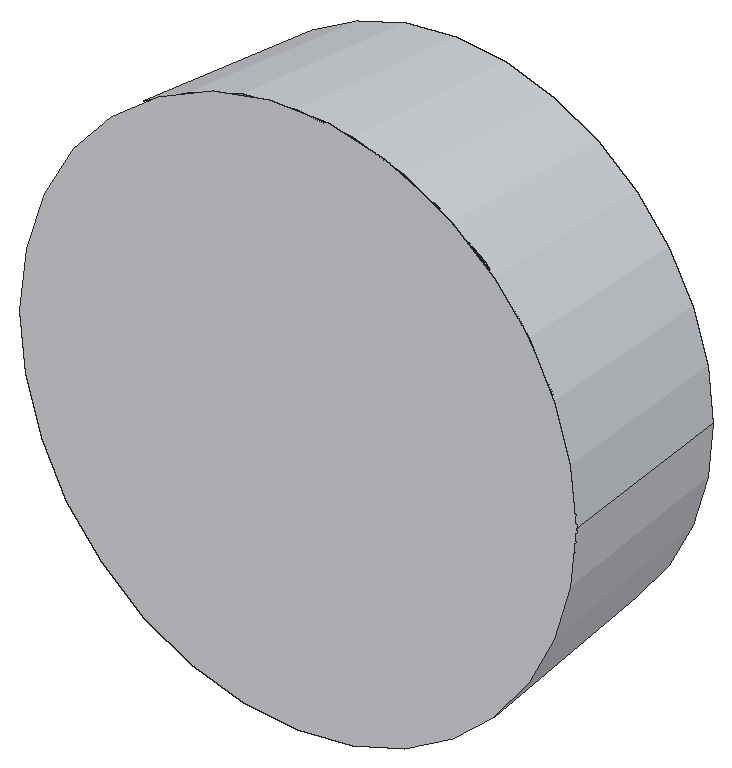
Revit family "Building-ContenitoriIncasso-GEWISS-24SC-SCATOLE-INCASSO_CONICA", category Attrezzatura elettrica, host Muro, Revit 2016
Family settings
  Host = Muro
  Configurazione quadro = Due colonne, circuiti in orizzontale
  Tipo di parte = Pannello comandi
  Quota connettore circolare = Usa diametro
  Numero OmniClass = 23.80.30.14.24
  Titolo OmniClass = Junction Boxes
  Sempre verticale = Sì
  Taglio con vuoti quando caricato = Sì
  Condiviso = Sì
  Punto di calcolo locali = Sì
Parameters (values of type "GW24208 - Scatola rotonda conica D. 65mm")
  Versione file RFA = "19.0"
  URL = "https://www.gewiss.com/it/it"
  Termopressione con biglia = "70 °C"
  Temperatura di impiego = "-15 +60 °C"
  Scheda Tecnica = "https://www.gewiss.com/it/it/search?q=GW24208"
  SEO = "Scatola"
  Produttore = "GEWISS S.p.A."
  Per Pareti = "Muratura"
  Modello = "GW24208"
  Installazione = "Incasso"
  Immagine tipo = GW24208.jpg
  IFC.TypeObject = ""
  IFC.ExportType = ""
  IFC.ExportAs = ""
  IDT = "949ec92d-8c98-491b-b93a-f1d6dc8379db"
  IDF = "0a933b5c-28d5-4203-ac42-db2cf4af8c16"
  Glow Wire Test = "650°C"
  Dimensioni (mm) = "Ø 60x46"
  Descrizione: = "Conica"
  Descrizione = "SCATOLA ROTONDA CONICA D.65"
  Creato da GEWISS S.p.A. = ""
  Codice Electrocod = "0210"
  Codice EAN = "8011564016729"
  Catalogo Serie = "24SC"
  Catalogo = "BUILDING"
  Caratteristiche = "Halogen free"
  COBie.Tagnumber = ""
  COBie.CreatedOn = ""
  COBie.CreatebBy = ""
  COBie.ComponentRegisterItemID = ""
  COBie.Component.TagNumber = ""
  COBie.Component.Space = ""
  COBie.Component.SerialNumber = ""
  COBie.Component.InstallationDate = ""
  COBie.Component.Description = ""
  COBie.Component.BarCode = ""
Reference planes
  plane 1 "Muro": y = 0
  plane 2 "Centro (Sinistra/Destra)": x = 125
  plane 3 "Indietro": y = 75
  plane 4: y = 29
  plane 5: y = 34
Forms (mm)
  Blend 1, solid
    base sketch origin (0, 0, -600) x (1, 0, 0) y (0, 0, 1)
      loop
        circle (125, 1420.018) r 65
    top sketch origin (0, 0, -600) x (1, 0, 0) y (0, 0, 1)
      loop
        circle (125, 1420.018) r 60
    from -29 to -75
  Blend 2, void
    base sketch origin (0, 0, -600) x (1, 0, 0) y (0, 0, 1)
      loop
        circle (125, 1420.018) r 59
    top sketch origin (0, 0, -600) x (1, 0, 0) y (0, 0, 1)
      loop
        circle (125, 1420.018) r 55
    from -34 to -75
  Blend 3, void
    base sketch origin (0, 0, -600) x (1, 0, 0) y (0, 0, 1)
      loop
        circle (125, 1420.018) r 65
    top sketch origin (0, 0, -600) x (1, 0, 0) y (0, 0, 1)
      loop
        circle (125, 1420.018) r 60
    from -29 to -75
Cuts and joins
  Blend 2 cuts Blend 1
Text (mm)
  text "Lato posizionamento" at (-1848.837, 1116.779, 0), in view "Livello rif."
  text "Lato posizionamento" at (0, 1409.804, 2854.306), in view "Sinistra"
  text "Lato posizionamento" at (0, 499.811, 2980.732), in view "Destra"
Dimensions and locks
  locked: plane 3 "Indietro" to host wall
  locked: plane 4 to plane 3 "Indietro" at 46
  locked: plane 5 to plane 4 at 5
  aligned and locked: plane 1 "Muro" to host wall
  aligned and locked: Blend 1 to plane 4
  aligned and locked: Blend 1 to plane 3 "Indietro"
  aligned and locked: Blend 2 to plane 3 "Indietro"
  aligned and locked: Blend 2 to plane 5
  aligned and locked: Blend 3 to plane 4
  aligned and locked: Blend 3 to plane 3 "Indietro"
